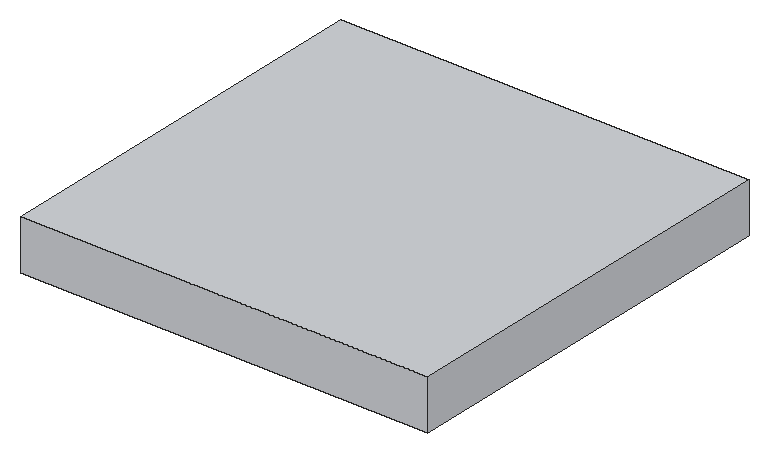
Revit family "TC - Base Wall Drop AutoOrient", category Data Devices, host Face, Revit 2024
Family settings
  Host = Face
  Round Connector Dimension = Use Diameter
  Part Type = Normal
  OmniClass Number = 23.85.50.17.11
  OmniClass Title = Computer Network Equipment
  Cut with Voids When Loaded = No
  Maintain Annotation Orientation = Yes
  Shared = Yes
  Room Calculation Point = No
Parameters (values of type "TD - 2 Port")
  TC Tagging Order [instance] = ""
  TC Label Quadrant [instance] = 0
  TC Auto Orient Version = 2  # constant formula
  TC Auto Orient [instance] = yes
  Symbol On/Off [instance] = yes
  Shade Right [instance] = # of Ports > 1  # yes
  Shade Left [instance] = 1 = 0  # no
  Mounting Type [instance] = "Wall"
  IDF Room [instance] = ""
  Floor [instance] = ""
  Elevation Tag - Rotate [instance] = yes
  Elevation Tag [instance] = no
  Data Elevation [instance] = ""
  Cable ID Tag - Right Rotate [instance] = TC Label Quadrant = 3  # no
  Cable ID Tag - Right [instance] = TC Label Quadrant = 2  # no
  Cable ID Tag [instance] = TC Label Quadrant = 0  # yes
  Cable ID Tag - Rotate [instance] = TC Label Quadrant = 1  # no
  # of Ports Tag - Rotate [instance] = and(TC Label Quadrant = 1, not(# of Ports = 0))  # no
  # of Ports Tag - Left Rotate [instance] = and(TC Label Quadrant = 3, not(# of Ports = 0))  # no
  # of Ports Tag - Left [instance] = and(TC Label Quadrant = 2, not(# of Ports = 0))  # no
  # of Ports Tag [instance] = and(TC Label Quadrant = 0, not(# of Ports = 0))  # yes
  Faceplate Width = 0' - 2 1/2"
  Faceplate Height = 0' - 4"
  Faceplate Depth = 0' - 0 3/16"
  Description = ""
  Default Elevation = 1' - 6"
  Cable ID Suffix = "TD"
  Backbox Width = 0' - 4"
  Backbox Height = 0' - 4"
  Backbox Depth = 0' - 2"
  Assembly Code = ""
  # of Ports = 2
Types (15): name | Shade Right | Mounting Type | Elevation Tag - Rotate | Elevation Tag | # of Ports Tag | Default Elevation | Cable ID Suffix | # of Ports
  TD - 1 Port | no | "Wall" | no | yes | no | 1' - 6" | "TD" | 0
  TD - 2 Port | yes | "Wall" | yes | no | yes | 1' - 6" | "TD" | 2
  TD - 4 Port | yes | "Wall" | no | yes | yes | 1' - 6" | "TD" | 4
  RS - 1 Port | no | "Wall" | yes | no | yes | 1' - 6" | "RS" | 1
  AV - 1 Port | no | "Wall" | no | yes | yes | 1' - 6" | "AV" | 1
  AV - 2 Port | yes | "Wall" | no | yes | yes | 1' - 6" | "AV" | 2
  AC - 1 Port | no | "Wall" | no | yes | yes | 1' - 6" | "AC" | 1
  AC - 2 Port | yes | "Wall" | no | yes | yes | 1' - 6" | "AC" | 2
  AV - 4 Port | yes | "Wall" | no | yes | yes | 7' - 6" | "AV" | 4
  TD - 3 Port | yes | "Wall" | no | yes | yes | 1' - 6" | "TD" | 3
  P - 2 Drop | yes | "Wall" | yes | no | yes | 1' - 6" | "P" | 2
  CAM 2 | no | "" | no | yes | yes | 1' - 6" | "CM" | 1
  O 2 | no | "" | no | yes | no | 1' - 6" | "O" | 0
  AV 2 | no | "" | no | yes | no | 1' - 6" | "AV" | 0
  AC 2 | yes | "" | no | yes | yes | 1' - 6" | "AC" | 2
Reference planes (in)
  plane 1 "Center (Front/Back)": y = 0
  plane 2: z = 0
  plane 3 "Center (Left/Right)": x = 0
  plane 4 "Left Inside": x = -2
  plane 5 "Right Inside": x = 2
  plane 6 "Top Inside": y = 2
  plane 7 "Bottom Inside": y = -2
  plane 8 "Left Outside": x = -1.25
  plane 9 "Right Outside": x = 1.25
  plane 10 "Top Outside": y = 2
  plane 11 "Bottom Outside": y = -2
  plane 12 "Front": z = 0.1875
  plane 13 "Back": z = -2
Forms (in)
  Extrusion 1, solid
    sketch origin (0, 0, 0) x (1, 0, 0) y (0, 1, 0)
      loop
        line (-49.63881, 48) -> (-49.63881, -48) -> (48, -48) -> (48, 48) -> (-49.63881, 48)
    from 0 to -12
  Extrusion 2, solid, not visible, detail levels fine
    sketch origin (0, 0, 0) x (1, 0, 0) y (0, 1, 0)
      loop
        line (-2, 2) -> (-2, -2) -> (2, -2) -> (2, 2) -> (-2, 2)
    from -0.13408 to -2
  Extrusion 3, solid, not visible, detail levels fine
    sketch origin (0, 0, 0) x (1, 0, 0) y (0, 1, 0)
      loop
        line (-1.25, 2) -> (-1.25, -2) -> (1.25, -2) -> (1.25, 2) -> (-1.25, 2)
    from 0 to 0.1875
  Extrusion 4, solid, detail levels medium
    sketch origin (0, 0, 0) x (1, 0, 0) y (0, 1, 0)
      loop
        line (-1.25, 2) -> (-1.25, -2) -> (1.25, -2) -> (1.25, 2) -> (-1.25, 2)
    from -0.13408 to 0
Lines and regions (in)
  symbolic lines, detail levels fine
    curve 1: line (-1.25, 0, 0) -> (1.25, 0, 0)
    curve 2: line (-1.25, 0, 0.1875) -> (-1.25, 0, 0)
    curve 3: line (1.25, 0, 0.1875) -> (-1.25, 0, 0.1875)
    curve 4: line (1.25, 0, 0) -> (1.25, 0, 0.1875)
Dimensions and locks (in)
  equal spacing: plane 4 "Left Inside", plane 3 "Center (Left/Right)", plane 5 "Right Inside"
  "Backbox Width": plane 4 "Left Inside" to plane 5 "Right Inside"
  equal spacing: plane 6 "Top Inside", plane 1 "Center (Front/Back)", plane 7 "Bottom Inside"
  "Backbox Height": plane 6 "Top Inside" to plane 7 "Bottom Inside"
  equal spacing: plane 8 "Left Outside", plane 3 "Center (Left/Right)", plane 9 "Right Outside"
  "Faceplate Width": plane 8 "Left Outside" to plane 9 "Right Outside"
  equal spacing: plane 10 "Top Outside", plane 1 "Center (Front/Back)", plane 11 "Bottom Outside"
  "Faceplate Height": plane 10 "Top Outside" to plane 11 "Bottom Outside"
  "Faceplate Depth": plane 12 "Front" to plane 2
  "Backbox Depth": plane 2 to plane 13 "Back"
  aligned and locked: plane 2 to Extrusion 1
  aligned and locked: level to Extrusion 1
  aligned and locked: plane 4 "Left Inside" to Extrusion 2 sketch curve
  aligned and locked: Extrusion 2 sketch curve to plane 6 "Top Inside"
  aligned and locked: plane 7 "Bottom Inside" to Extrusion 2 sketch curve
  aligned and locked: Extrusion 2 sketch curve to plane 5 "Right Inside"
  aligned and locked: Extrusion 2 to plane 13 "Back"
  aligned and locked: plane 8 "Left Outside" to Extrusion 3 sketch curve
  aligned and locked: Extrusion 3 sketch curve to plane 10 "Top Outside"
  aligned and locked: plane 11 "Bottom Outside" to Extrusion 3 sketch curve
  aligned and locked: Extrusion 3 sketch curve to plane 9 "Right Outside"
  aligned and locked: plane 12 "Front" to Extrusion 3
  aligned and locked: plane 8 "Left Outside" to curve 2
  aligned and locked: curve 4 to plane 9 "Right Outside"
  aligned and locked: plane 12 "Front" to curve 3
  aligned and locked: curve 1 to level
  aligned and locked: plane 8 "Left Outside" to curve 1
  aligned and locked: Extrusion 4 to plane 8 "Left Outside"
  aligned and locked: plane 6 "Top Inside" to Extrusion 4
  aligned and locked: Extrusion 2 to Extrusion 4
Automatic sketch dimensions
  Extrusion 1 sketch curve to Extrusion 1 sketch curve = 8' - 1.63881"
  Extrusion 1 sketch curve to Extrusion 1 sketch curve = 8' - 0"
  Extrusion 4 sketch curve to plane 8 "Left Outside" = 0' - 0"
  Extrusion 4 sketch curve to plane 9 "Right Outside" = 0' - 0"
  Extrusion 4 sketch curve to plane 7 "Bottom Inside" = 0' - 0"
  Extrusion 4 sketch curve to plane 6 "Top Inside" = 0' - 0"
Nested families (in)
  nested 1: "TC_WALL DROP SYMBOL" at (0, 0, 0), Cable ID Suffix <- "Cable ID Suffix", # of Ports <- "# of Ports", Elevation Tag <- "Elevation Tag", Elevation Tag - Rotate <- "Elevation Tag - Rotate", # of Ports Tag <- "# of Ports Tag", Cable ID Tag <- "Cable ID Tag", Cable ID Tag - Rotate <- "Cable ID Tag - Rotate", visible <- "Symbol On/Off", Shade Left <- "Shade Left", Shade Right <- "Shade Right", # of Ports Tag - Left <- "# of Ports Tag - Left", # of Ports Tag - Left Rotate <- "# of Ports Tag - Left Rotate", Cable ID Tag - Right <- "Cable ID Tag - Right", Cable ID Tag - Right Rotate <- "Cable ID Tag - Right Rotate", # of Ports Tag - Rotate <- "# of Ports Tag - Rotate", Data Elevation <- "Data Elevation", type "TC_WALL DROP SYMBOL"
    with Shade Right yes, Shade Left no, Elevation Tag - Rotate yes, Elevation Tag no, Data Elevation "", Cable ID Tag - Rotate no, Cable ID Tag - Right Rotate no, Cable ID Tag - Right no, Cable ID Tag yes, Cable ID Suffix "TD", # of Ports Tag - Rotate no, # of Ports Tag - Left Rotate no, # of Ports Tag - Left no, # of Ports Tag yes, # of Ports 2
Connectors (in)
  electrical at (0, 2, -1.06704)
    settings: on Extrusion 2, index 1, voltage 0 V, apparent load 0 VA, apparent load phase1 0 VA, apparent load phase2 0 VA, apparent load phase3 0 VA, power factor 0, load classification "Other", number of poles 1, system type 5, power factor state 1, is connector primary yes, connector utility no, sub classification motor no, connector description ""
Definition of nested family "TC_WALL DROP SYMBOL"
  Parameters (values of type "TC_WALL DROP SYMBOL")
    Shade Right [instance] = yes
    Shade Left [instance] = no
    Elevation Tag - Rotate [instance] = no
    Elevation Tag [instance] = no
    Data Elevation [instance] = ""
    Cable ID Tag - Rotate [instance] = no
    Cable ID Tag - Right Rotate [instance] = no
    Cable ID Tag - Right [instance] = no
    Cable ID Tag [instance] = yes
    Cable ID Suffix [instance] = ""
    # of Ports Tag - Rotate [instance] = no
    # of Ports Tag - Left Rotate [instance] = no
    # of Ports Tag - Left [instance] = no
    # of Ports Tag [instance] = yes
    # of Ports [instance] = 0
  Reference planes (in)
    plane 1: y = 0
    plane 2: x = 0
  Lines and regions (in)
    Filled region 1, type "Solid Black", visible <- "Shade Right"
      outline origin (0, 0, 0) x (1, 0, 0) y (0, 1, 0)
        loop
          line (0, 0) -> (0.07679, 0.133) -> (0, 0.133) -> (0, 0)
    Filled region 2, type "Solid Black", visible <- "Shade Left"
      outline origin (0, 0, 0) x (1, 0, 0) y (0, 1, 0)
        loop
          line (0, 0) -> (0, 0.133) -> (-0.07679, 0.133) -> (0, 0)
    detail lines
      curve 1: line (-0.07679, 0.133, 0) -> (0.07679, 0.133, 0)
      curve 2: line (0.07679, 0.133, 0) -> (0, 0, 0)
      curve 3: line (-0.07679, 0.133, 0) -> (0, 0, 0)
      curve 4: line (-0.06693, 0, 0) -> (0.06693, 0, 0)
  Text (in)
    label "#" at (0.06898, 0.2146, 0), shows "# of Ports", visible <- "# of Ports Tag"
    label "ID" at (-0.03732, 0.2146, 0), shows "Cable ID Suffix", visible <- "Cable ID Tag"
    label "#" at (0.1093, 0.19382, 0), shows "# of Ports", visible <- "# of Ports Tag - Rotate"
    label "ID" at (-0.08666, 0.17647, 0), shows "Cable ID Suffix", visible <- "Cable ID Tag - Rotate"
    label "Data Elevation" at (0.17412, -0.12459, 0), shows "Data Elevation", visible <- "Elevation Tag - Rotate"
    label "Data Elevation" at (0.083, -0.04006, 0), shows "Data Elevation", visible <- "Elevation Tag"
    label "ID" at (0.06845, 0.2146, 0), shows "Cable ID Suffix", visible <- "Cable ID Tag - Right"
    label "ID" at (0.10866, 0.17647, 0), shows "Cable ID Suffix", visible <- "Cable ID Tag - Right Rotate"
    label "#" at (-0.1204, 0.2146, 0), shows "# of Ports", visible <- "# of Ports Tag - Left"
    label "#" at (-0.08009, 0.19382, 0), shows "# of Ports", visible <- "# of Ports Tag - Left Rotate"
